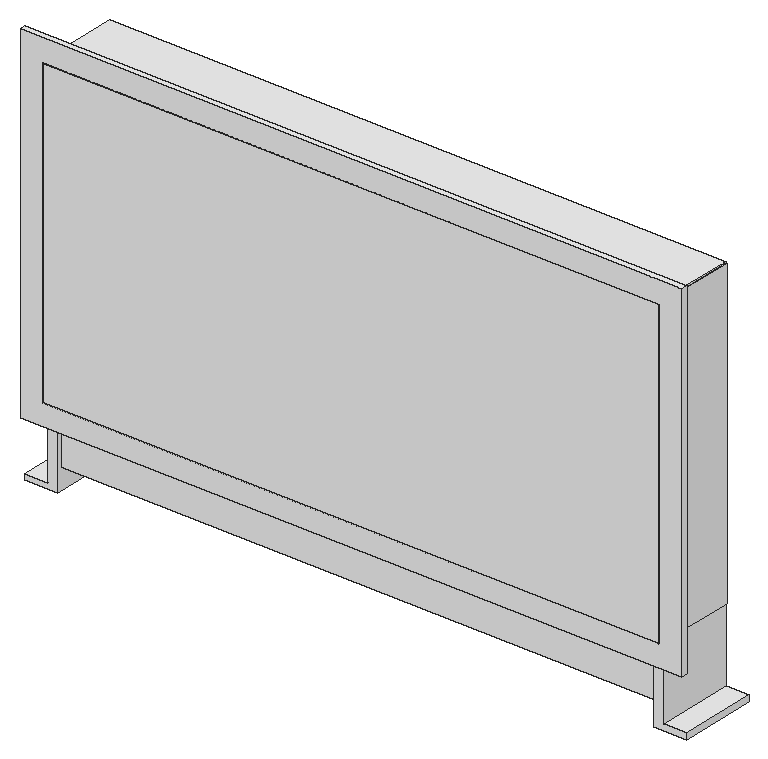
Revit family "1R553FPDB 1031IT_HIGH FLOW", category Pipe Accessories, Revit 2018 (continued)
Definition of nested family "Inlet Regulator"
  Forms (mm)
    Extrusion 10, solid
      sketch origin (0, 0.009, 104.867) x (0, 1, 0) y (-1, 0, 0)
        loop
          circle (0, 0) r 11.904
      from -23.23 to -16.499
    Revolve 11, solid
      sketch origin (0, -7.308, 22.393) x (0, 1, 0) y (0, 0, 1)
        loop
          line (21.577, -5.094) -> (21.577, -4.061) -> (22.318, -3.32) -> (21.605, -2.607) -> (22.332, -1.881) -> (21.605, -1.154) -> (22.318, -0.442) -> (21.605, 0.271) -> (22.318, 0.984) -> (21.605, 1.697) -> (22.318, 2.409) -> (21.605, 3.122) -> (22.318, 3.835) -> (21.605, 4.548) -> (22.318, 5.26) -> (21.605, 5.973) -> (22.318, 6.686) -> (21.591, 7.413) -> (21.591, 8.344) -> (20.654, 8.344) -> (20.654, -5.094) -> (21.577, -5.094)
        axis (7.317, 8.344) -> (7.317, -5.094)
      angle from 0 to 360
    Extrusion 12, solid
      sketch origin (0, 0.009, 99.643) x (0, 1, 0) y (-1, 0, 0)
        loop
          line (8.652, -15) -> (17.312, 0) -> (8.652, 15) -> (-8.669, 15) -> (-17.329, 0) -> (-8.669, -15) -> (8.652, -15)
        loop
          circle (-0.009, 0) r 14.53
      from -61.026 to -57.274
    Revolve 13, solid
      sketch origin (0, 0.009, 23.643) x (1, 0, 0) y (0, 0, 1)
        loop
          line (0, 14.757) -> (-14.591, 14.757)
          arc (-14.591, 14.757) -> (-14.177, 14.203) -> (-13.623, 13.789) r 2.42
          line (-13.623, 13.789) -> (-13.623, 7.845)
          arc (-13.623, 7.845) -> (-14.177, 7.43) -> (-14.591, 6.876) r 2.42
          line (-14.591, 6.876) -> (0, 6.876) -> (0, 14.757)
        axis (0, 14.757) -> (0, 6.876)
      angle from 0 to 360
    Revolve 14, solid
      sketch origin (0, 0, 0) x (1, 0, 0) y (0, 0, 1)
        loop
          line (0, 81.367) -> (0, 42.151) -> (16.5, 42.151) -> (16.5, 81.367) -> (0, 81.367)
        axis (0, 81.367) -> (0, 42.151)
      angle from 0 to 360
    Extrusion 15, solid
      sketch origin (2.094, -0.054, 23.867) x (-1, 0, 0) y (0, 0, 1)
        loop
          line (-14.869, 59.501) -> (-17.438, 59.501)
          spline (-17.438, 59.501) -> (-17.562, 59.497) -> (-17.675, 59.485) -> (-17.778, 59.464) -> (-17.87, 59.434) -> (-17.95, 59.397) -> (-18.021, 59.351) -> (-18.08, 59.297) -> (-18.128, 59.234) -> (-18.166, 59.163) -> (-18.193, 59.084) -> (-18.209, 58.996) -> (-18.215, 58.9)
          line (-18.215, 58.9) -> (-18.215, 58.097)
          spline (-18.215, 58.097) -> (-18.211, 58.002) -> (-18.199, 57.914) -> (-18.179, 57.836) -> (-18.15, 57.765) -> (-18.113, 57.703) -> (-18.067, 57.649) -> (-18.013, 57.604) -> (-17.951, 57.566) -> (-17.88, 57.537) -> (-17.801, 57.517) -> (-17.714, 57.504) -> (-17.618, 57.5)
          line (-17.618, 57.5) -> (-16.318, 57.5) -> (-14.062, 57.5) -> (-14.062, 58.708) -> (-14.869, 58.708) -> (-14.869, 59.501)
      from -1.116 to 1.224
    Extrusion 16, solid
      sketch origin (-2.196, 0, 23.867) x (1, 0, 0) y (0, 0, 1)
        loop
          line (-14.869, 59.501) -> (-17.438, 59.501)
          spline (-17.438, 59.501) -> (-17.562, 59.497) -> (-17.675, 59.485) -> (-17.778, 59.464) -> (-17.87, 59.434) -> (-17.95, 59.397) -> (-18.021, 59.351) -> (-18.08, 59.297) -> (-18.128, 59.234) -> (-18.166, 59.163) -> (-18.193, 59.084) -> (-18.209, 58.996) -> (-18.215, 58.9)
          line (-18.215, 58.9) -> (-18.215, 58.097)
          spline (-18.215, 58.097) -> (-18.211, 58.002) -> (-18.199, 57.914) -> (-18.179, 57.836) -> (-18.15, 57.765) -> (-18.113, 57.703) -> (-18.067, 57.649) -> (-18.013, 57.604) -> (-17.951, 57.566) -> (-17.88, 57.537) -> (-17.801, 57.517) -> (-17.714, 57.504) -> (-17.618, 57.5)
          line (-17.618, 57.5) -> (-16.318, 57.5) -> (-14.062, 57.5) -> (-14.062, 58.708) -> (-14.869, 58.708) -> (-14.869, 59.501)
      from -1.116 to 1.224
    Revolve 17, solid
      sketch origin (1.562, 0, -7.188) x (1, 0, 0) y (0, 0, -1)
        loop
          line (14.945, -68.947) -> (14.945, -85.784) -> (17.115, -87.955) -> (29.615, -87.955) -> (31.958, -85.612) -> (31.958, -68.947) -> (14.945, -68.947)
        axis (14.945, -68.947) -> (31.958, -68.947)
      angle from 0 to 360
  Cuts and joins
    Extrusion 4, Extrusion 5, Extrusion 6, Extrusion 7, Extrusion 8, Extrusion 9 cuts Revolve 1
  Dimensions and locks
    Revolve 2 to Revolve 11 = 114.089 mm
    equal spacing: cut or joined group of Revolve 1, Extrusion 4, Extrusion 5, Extrusion 6, Extrusion 7, Extrusion 8, Extrusion 9, plane 5, plane 4
    aligned and locked: level to plane 2
  Automatic sketch dimensions
    plane 1 "Center (Front/Back)" to Revolve 1 sketch curve = 17.048 mm
    Revolve 1 sketch curve to Revolve 1 sketch curve = 1.524 mm  (x2)
    Revolve 1 sketch curve to Revolve 1 sketch curve = 1.922 mm
    Revolve 1 sketch curve to plane 1 "Center (Front/Back)" = 0.009 mm  (x2)
    Revolve 1 sketch curve to plane 5 = 19.608 mm
    Revolve 1 sketch curve to Revolve 1 sketch curve = 9.082 mm
    Revolve 1 sketch curve to Revolve 1 sketch curve = 5.602 mm
    Revolve 1 sketch curve to Revolve 1 sketch curve = 1.247 mm
    Revolve 1 sketch curve to Revolve 1 sketch curve = 0 mm
    Revolve 1 sketch curve to Revolve 1 sketch curve = 1.386 mm
    plane 1 "Center (Front/Back)" to Revolve 2 sketch curve = 9.723 mm
    Revolve 2 sketch curve to Revolve 2 sketch curve = 0.5 mm  (x3)
    Revolve 2 sketch curve to Revolve 2 sketch curve = 0.198 mm
    Revolve 2 sketch curve to Revolve 2 sketch curve = 1.121 mm
    Revolve 2 sketch curve to Revolve 2 sketch curve = 1.35 mm
    Revolve 2 sketch curve to Revolve 2 sketch curve = 1.06 mm
    Revolve 2 sketch curve to Revolve 2 sketch curve = 0.183 mm
    plane 1 "Center (Front/Back)" to Revolve 2 sketch curve = 0.383 mm  (x2)
    Revolve 2 sketch curve to plane 5 = 34.379 mm
    Revolve 2 sketch curve to Revolve 2 sketch curve = 0.812 mm
    Revolve 2 sketch curve to Revolve 2 sketch curve = 30.709 mm
    Revolve 2 sketch curve to Revolve 2 sketch curve = 0.06 mm
    Revolve 2 sketch curve to Revolve 2 sketch curve = 2.169 mm
    Revolve 2 sketch curve to Revolve 2 sketch curve = 0.487 mm
    Revolve 2 sketch curve to Revolve 2 sketch curve = 1.061 mm
    Revolve 2 sketch curve to Revolve 2 sketch curve = 0.799 mm
    Revolve 2 sketch curve to Revolve 2 sketch curve = 1.883 mm
    Revolve 2 sketch curve to Revolve 2 sketch curve = 2.977 mm
    Extrusion 3 sketch curve to plane 3 "Center (Left/Right)" = 0 mm
    Extrusion 3 sketch curve to plane 1 "Center (Front/Back)" = 0.009 mm
    Extrusion 4 sketch curve to plane 3 "Center (Left/Right)" = 0.532 mm
    Extrusion 4 sketch curve to plane 1 "Center (Front/Back)" = 11.146 mm
    Extrusion 4 sketch curve to Extrusion 4 sketch curve = 7.245 mm
    plane 3 "Center (Left/Right)" to Extrusion 4 sketch curve = 0.506 mm
    plane 3 "Center (Left/Right)" to Extrusion 5 sketch curve = 0.532 mm
    plane 1 "Center (Front/Back)" to Extrusion 5 sketch curve = 11.129 mm
    Extrusion 5 sketch curve to Extrusion 5 sketch curve = 7.077 mm
    Extrusion 5 sketch curve to plane 3 "Center (Left/Right)" = 0.506 mm
    Extrusion 6 sketch curve to plane 1 "Center (Front/Back)" = 5.116 mm
    Extrusion 6 sketch curve to plane 3 "Center (Left/Right)" = 9.912 mm
    Extrusion 6 sketch curve to Extrusion 6 sketch curve = 7.677 mm
    Extrusion 6 sketch curve to Extrusion 6 sketch curve = 1.039 mm
    plane 1 "Center (Front/Back)" to Extrusion 7 sketch curve = 6.021 mm
    Extrusion 7 sketch curve to plane 3 "Center (Left/Right)" = 9.379 mm
    Extrusion 7 sketch curve to Extrusion 7 sketch curve = 7.486 mm
    Extrusion 7 sketch curve to Extrusion 7 sketch curve = 1.039 mm
    Extrusion 8 sketch curve to plane 1 "Center (Front/Back)" = 5.116 mm
    plane 3 "Center (Left/Right)" to Extrusion 8 sketch curve = 9.912 mm
    Extrusion 8 sketch curve to Extrusion 8 sketch curve = 6.525 mm
    Extrusion 8 sketch curve to Extrusion 8 sketch curve = 1.039 mm
    plane 1 "Center (Front/Back)" to Extrusion 9 sketch curve = 6.021 mm
    plane 3 "Center (Left/Right)" to Extrusion 9 sketch curve = 9.379 mm
    Extrusion 9 sketch curve to Extrusion 9 sketch curve = 8.734 mm
    Extrusion 9 sketch curve to Extrusion 9 sketch curve = 1.039 mm
    Extrusion 10 sketch curve to plane 3 "Center (Left/Right)" = 0 mm  (x3)
    plane 1 "Center (Front/Back)" to Extrusion 10 sketch curve = 14.425 mm
    plane 1 "Center (Front/Back)" to Extrusion 10 sketch curve = 7.208 mm  (x2)
    Extrusion 10 sketch curve to plane 1 "Center (Front/Back)" = 0.009 mm
    Extrusion 10 sketch curve to plane 1 "Center (Front/Back)" = 7.225 mm  (x2)
    Extrusion 10 sketch curve to Extrusion 10 sketch curve = 7.217 mm
    plane 3 "Center (Left/Right)" to Extrusion 10 sketch curve = 12.5 mm
    Extrusion 10 sketch curve to plane 3 "Center (Left/Right)" = 12.5 mm
    Revolve 11 sketch curve to plane 1 "Center (Front/Back)" = 13.346 mm
    Revolve 11 sketch curve to Revolve 11 sketch curve = 0.922 mm
    Revolve 11 sketch curve to Revolve 11 sketch curve = 0.937 mm
    Revolve 11 sketch curve to Revolve 11 sketch curve = 0.028 mm
    Revolve 11 sketch curve to Revolve 11 sketch curve = 0 mm  (x5)
    Revolve 11 sketch curve to Revolve 11 sketch curve = 0.014 mm
    Revolve 11 sketch curve to Revolve 11 sketch curve = 0.713 mm  (x7)
    Revolve 11 sketch curve to Revolve 11 sketch curve = 0.726 mm
    level to Revolve 11 sketch curve = 17.3 mm
    Revolve 11 sketch curve to Revolve 11 sketch curve = 1.032 mm
    Revolve 11 sketch curve to Revolve 11 sketch curve = 0.741 mm
    Revolve 11 sketch curve to Revolve 11 sketch curve = 0.931 mm
    Revolve 11 sketch curve to plane 1 "Center (Front/Back)" = 0.009 mm
    level to Revolve 11 sketch curve = 11.05 mm
    Revolve 11 sketch curve to plane 4 = 11.319 mm
    Extrusion 12 sketch curve to plane 3 "Center (Left/Right)" = 0 mm  (x3)
    plane 1 "Center (Front/Back)" to Extrusion 12 sketch curve = 0 mm
    plane 1 "Center (Front/Back)" to Extrusion 12 sketch curve = 8.66 mm  (x2)
    plane 1 "Center (Front/Back)" to Extrusion 12 sketch curve = 17.321 mm
    Extrusion 12 sketch curve to plane 1 "Center (Front/Back)" = 8.66 mm  (x2)
    Extrusion 12 sketch curve to Extrusion 12 sketch curve = 8.66 mm
    plane 3 "Center (Left/Right)" to Extrusion 12 sketch curve = 15 mm
    Extrusion 12 sketch curve to plane 3 "Center (Left/Right)" = 15 mm
    Revolve 13 sketch curve to plane 3 "Center (Left/Right)" = 0 mm  (x2)
    Revolve 13 sketch curve to plane 3 "Center (Left/Right)" = 12.466 mm
    Revolve 13 sketch curve to plane 4 = 2.594 mm
    Revolve 13 sketch curve to Revolve 13 sketch curve = 0 mm
    Revolve 13 sketch curve to Revolve 13 sketch curve = 1.157 mm
    Revolve 13 sketch curve to Revolve 13 sketch curve = 0.968 mm  (x2)
    Revolve 13 sketch curve to plane 4 = 3.751 mm
    Revolve 13 sketch curve to Revolve 13 sketch curve = 5.944 mm
    Revolve 13 sketch curve to Revolve 13 sketch curve = 7.881 mm
    Revolve 13 sketch curve to Revolve 13 sketch curve = 6.11 mm
    plane 4 to Revolve 13 sketch curve = 3.077 mm
    Revolve 14 sketch curve to plane 3 "Center (Left/Right)" = 0 mm  (x2)
    Revolve 14 sketch curve to plane 4 = 0 mm
    plane 3 "Center (Left/Right)" to Revolve 14 sketch curve = 16.5 mm
    Revolve 14 sketch curve to plane 5 = 19.608 mm
    Revolve 14 sketch curve to Revolve 14 sketch curve = 18.992 mm
    Revolve 14 sketch curve to Revolve 14 sketch curve = 22.888 mm
    plane 3 "Center (Left/Right)" to Extrusion 15 sketch curve = 20.309 mm
    Extrusion 15 sketch curve to Extrusion 15 sketch curve = 0.597 mm  (x2)
    Extrusion 15 sketch curve to Extrusion 15 sketch curve = 0.776 mm
    Extrusion 15 sketch curve to Extrusion 15 sketch curve = 1.299 mm
    Extrusion 15 sketch curve to Extrusion 15 sketch curve = 1.449 mm
    Extrusion 15 sketch curve to Extrusion 15 sketch curve = 0.807 mm
    Extrusion 15 sketch curve to plane 5 = 19.608 mm
    Extrusion 15 sketch curve to Extrusion 15 sketch curve = 1.208 mm
    Extrusion 15 sketch curve to Extrusion 15 sketch curve = 0.803 mm
    Extrusion 15 sketch curve to Extrusion 15 sketch curve = 0.601 mm
    Extrusion 16 sketch curve to plane 3 "Center (Left/Right)" = 20.411 mm
    Extrusion 16 sketch curve to Extrusion 16 sketch curve = 0.597 mm  (x2)
    Extrusion 16 sketch curve to Extrusion 16 sketch curve = 0.776 mm
    Extrusion 16 sketch curve to Extrusion 16 sketch curve = 1.299 mm
    Extrusion 16 sketch curve to Extrusion 16 sketch curve = 1.449 mm
    Extrusion 16 sketch curve to Extrusion 16 sketch curve = 0.807 mm
    Extrusion 16 sketch curve to plane 5 = 19.608 mm
    Extrusion 16 sketch curve to Extrusion 16 sketch curve = 1.208 mm
    Extrusion 16 sketch curve to Extrusion 16 sketch curve = 0.803 mm
    Extrusion 16 sketch curve to Extrusion 16 sketch curve = 0.601 mm
    Revolve 17 sketch curve to plane 5 = 0 mm  (x2)
    plane 3 "Center (Left/Right)" to Revolve 17 sketch curve = 16.507 mm
    Revolve 17 sketch curve to Revolve 17 sketch curve = 2.17 mm  (x2)
    Revolve 17 sketch curve to Revolve 17 sketch curve = 12.5 mm
    Revolve 17 sketch curve to Revolve 17 sketch curve = 2.343 mm
    Revolve 17 sketch curve to plane 5 = 16.665 mm
    Revolve 17 sketch curve to Revolve 17 sketch curve = 16.838 mm
    plane 3 "Center (Left/Right)" to Revolve 17 sketch curve = 1.563 mm
    Revolve 17 sketch curve to Revolve 17 sketch curve = 33.042 mm
    radius of Extrusion 3 sketch curve = 1.156 mm
    radius of Extrusion 10 sketch curve = 11.904 mm
    radius of Extrusion 12 sketch curve = 14.53 mm
Definition of nested family "METAL FRAME"
  Parameters (values of type "METAL FRAME")
    S1 [instance] = 37 mm
    L1 [instance] = 670 mm
    H2 [instance] = 492 mm
    H1 [instance] = 562 mm
  Reference planes
    plane 1 "Center (Front/Back)": y = -35
    plane 2: z = 0
    plane 3 "Center (Left/Right)": x = 0
    plane 4: x = -298
    plane 5: x = 298
    plane 6: z = 562
    plane 7: x = 335
    plane 8: x = -335
    plane 9: z = 527
    plane 10: z = 35
    plane 11: y = -35
    plane 12: z = 281
    plane 13: z = 384
    plane 14: z = 176
    plane 15: y = 90
  Forms (mm)
    Extrusion 1, solid
      sketch origin (0, -35, 0) x (1, 0, 0) y (0, 0, 1)
        loop
          line (-283, 35) -> (-283, -60) -> (283, -60) -> (283, 35) -> (-283, 35)
      from -125 to -7.029
    Extrusion 2, solid
      sketch origin (0, -35, 0) x (1, 0, 0) y (0, 0, 1)
        loop
          line (-298, 35) -> (-298, -85) -> (-335, -85) -> (-335, -95) -> (-283, -95) -> (-283, 35) -> (-298, 35)
        loop
          line (298, 35) -> (283, 35) -> (283, -95) -> (335, -95) -> (335, -85) -> (298, -85) -> (298, 35)
      from -125 to 0
    Extrusion 3, solid
      sketch origin (0, 0, 0) x (0, 1, 0) y (0, 0, 1)
        loop
          line (87.172, 527) -> (87.172, 35) -> (90, 35) -> (90, 527) -> (87.172, 527)
      from -298 to 298
    Extrusion 4, solid
      sketch origin (0, -35, 0) x (1, 0, 0) y (0, 0, 1)
        loop
          line (-335, 562) -> (-335, 0) -> (335, 0) -> (335, 562) -> (-335, 562)
        loop
          line (-298, 35) -> (298, 35) -> (298, 527) -> (-298, 527) -> (-298, 35)
      from 0 to 10
    Extrusion 5, solid
      sketch origin (0, 0, 0) x (0, 1, 0) y (0, 0, 1)
        loop
          line (-35, 527) -> (-35, 35) -> (90, 35) -> (90, 527) -> (-35, 527)
      from 298 to 300.354
    Extrusion 6, solid
      sketch origin (0, 0, 0) x (0, 1, 0) y (0, 0, -1)
        loop
          line (-35, -527) -> (90, -527) -> (90, -35) -> (-35, -35) -> (-35, -527)
      from 298 to 300.354
    Extrusion 7, solid
      sketch origin (0, 0, 0) x (1, 0, 0) y (0, 1, 0)
        loop
          line (-298, 90) -> (-298, -35) -> (298, -35) -> (298, 90) -> (-298, 90)
      from 527 to 529.02
    Extrusion 8, void
      sketch origin (0, 0, 0) x (0, 1, 0) y (0, 0, 1)
        loop
          line (87.172, 423.968) -> (-33.134, 423.968) -> (-33.134, 344.032) -> (87.172, 344.032) -> (87.172, 423.968)
        loop
          line (87.172, 216) -> (-33.134, 216) -> (-33.134, 136) -> (87.172, 136) -> (87.172, 216)
      from -298 to -521.401
  Cuts and joins
    Extrusion 8 cuts Extrusion 3
    Extrusion 8 cuts Extrusion 5
    Extrusion 8 cuts Extrusion 6
    Extrusion 8 cuts Extrusion 7
    joined: Extrusion 3, Extrusion 5, Extrusion 6, Extrusion 7
  Dimensions and locks
    "H1": plane 6 to plane 2
    "S1": plane 7 to plane 5
    "S1": plane 4 to plane 8
    "L1": plane 7 to plane 8
    plane 7 to plane 8 = 670 mm
    equal spacing: plane 7, plane 3 "Center (Left/Right)", plane 8
    level to Extrusion 4 sketch curve = 0 mm
    plane 1 "Center (Front/Back)" to Extrusion 3 = 125 mm
    plane 1 "Center (Front/Back)" to plane 15 = 125 mm
    plane 6 to plane 2 = 562 mm
    "H2": plane 9 to plane 10
    locked: Extrusion 5 to Extrusion 5 at 2.354
    locked: Extrusion 6 to Extrusion 6 at 2.354  (x2)
    Extrusion 2 to Extrusion 2 = 15 mm  (x2)
    equal spacing: Extrusion 8 sketch curve, plane 13, Extrusion 8 sketch curve  (x2)
    Extrusion 8 sketch curve to Extrusion 8 sketch curve = 79.935 mm
    equal spacing: Extrusion 8 sketch curve, plane 14, Extrusion 8 sketch curve  (x2)
    aligned and locked: level to plane 2
    aligned and locked: plane 8 to Extrusion 4 sketch curve
    aligned and locked: Extrusion 3 sketch curve to plane 9
    aligned and locked: plane 10 to Extrusion 3 sketch curve
    aligned and locked: Extrusion 2 to Extrusion 1  (x2)
    aligned and locked: Extrusion 4 sketch curve to plane 6
    aligned and locked: Extrusion 4 sketch curve to plane 7
    aligned and locked: Extrusion 4 sketch curve to plane 10
    aligned and locked: plane 5 to Extrusion 3
    aligned and locked: plane 10 to Extrusion 2
    aligned and locked: plane 10 to Extrusion 5 sketch curve
    aligned and locked: Extrusion 5 sketch curve to plane 1 "Center (Front/Back)"
    aligned and locked: plane 15 to Extrusion 5 sketch curve
    aligned and locked: Extrusion 5 sketch curve to plane 9
    aligned and locked: Extrusion 4 to Extrusion 7 sketch curve
    aligned and locked: Extrusion 7 sketch curve to plane 5
    aligned and locked: plane 15 to Extrusion 7 sketch curve
    aligned and locked: plane 4 to Extrusion 7 sketch curve
    aligned and locked: Extrusion 7 to plane 9
    aligned and locked: cut or joined group of Extrusion 3, Extrusion 5, Extrusion 6, Extrusion 7, Extrusion 8 to cut or joined group of Extrusion 3, Extrusion 5, Extrusion 6, Extrusion 7, Extrusion 8
    aligned and locked: Extrusion 2 to cut or joined group of Extrusion 3, Extrusion 5, Extrusion 6, Extrusion 7, Extrusion 8
    aligned and locked: plane 4 to cut or joined group of Extrusion 3, Extrusion 5, Extrusion 6, Extrusion 7, Extrusion 8
    aligned and locked: cut or joined group of Extrusion 3, Extrusion 5, Extrusion 6, Extrusion 7, Extrusion 8 to plane 5
    aligned and locked: cut or joined group of Extrusion 3, Extrusion 5, Extrusion 6, Extrusion 7, Extrusion 8 to Extrusion 8 sketch curve  (x2)
    aligned and locked: plane 4 to Extrusion 8
    aligned and locked: Extrusion 1 to Extrusion 2  (x2)
    aligned and locked: plane 1 "Center (Front/Back)" to plane 11
  Automatic sketch dimensions
    plane 4 to Extrusion 1 sketch curve = 15 mm
    Extrusion 1 sketch curve to plane 5 = 15 mm
    Extrusion 1 sketch curve to plane 10 = 0 mm
    Extrusion 1 sketch curve to level = 60 mm
    Extrusion 2 sketch curve to plane 8 = 0 mm
    Extrusion 2 sketch curve to plane 10 = 0 mm  (x2)
    plane 4 to Extrusion 2 sketch curve = 15 mm
    Extrusion 2 sketch curve to plane 5 = 15 mm
    Extrusion 2 sketch curve to plane 7 = 0 mm
    Extrusion 2 sketch curve to plane 4 = 0 mm
    Extrusion 2 sketch curve to Extrusion 2 sketch curve = 15 mm
    Extrusion 2 sketch curve to level = 85 mm  (x2)
    Extrusion 2 sketch curve to Extrusion 2 sketch curve = 10 mm  (x2)
    Extrusion 3 sketch curve to plane 15 = 0 mm
    Extrusion 3 sketch curve to Extrusion 3 sketch curve = 2.828 mm
    Extrusion 4 sketch curve to plane 4 = 0 mm
    Extrusion 4 sketch curve to plane 5 = 0 mm
    Extrusion 4 sketch curve to plane 9 = 0 mm
    Extrusion 6 sketch curve to plane 1 "Center (Front/Back)" = 0 mm
    Extrusion 6 sketch curve to plane 10 = 0 mm
    Extrusion 6 sketch curve to plane 15 = 0 mm
    Extrusion 6 sketch curve to plane 9 = 0 mm
    Extrusion 8 sketch curve to plane 14 = 40 mm
    Extrusion 8 sketch curve to plane 1 "Center (Front/Back)" = 1.866 mm  (x2)
Definition of nested family "Cold water ball valve"
  Parameters (values of type "Cold Water ball valve")
    LOGO [instance] = yes
  Reference planes
    plane 1 "Center (Front/Back)": y = 0
    plane 2: z = 0
    plane 3 "Center (Left/Right)": x = 0
    plane 4: x = 105
    plane 5: z = 25
    plane 6: z = 25.625
    plane 7: y = -21.571
    plane 8: y = -26.943
    plane 9: y = -36.345
    plane 10 "MODEL TEXT": x = -25.219
    plane 11: x = -24
    plane 12: y = -62.876
    plane 13 "LOGO": x = -18.662
  Forms (mm)
    Extrusion 1, solid
      sketch origin (0, 0, 20) x (1, 0, 0) y (0, 0, 1)
        loop
          line (20, 13.284) -> (8.284, 25) -> (-8.284, 25) -> (-20, 13.284) -> (-20, -3.284) -> (-8.284, -15) -> (8.284, -15) -> (20, -3.284) -> (20, 13.284)
        loop
          circle (0, 5) r 12.7
      from 0 to 13.355
    Extrusion 2, solid
      sketch origin (0, 0, 0.625) x (1, 0, 0) y (0, 0, 1)
        loop
          line (24, 34.941) -> (9.941, 49) -> (-9.941, 49) -> (-24, 34.941) -> (-24, 15.059) -> (-8.316, -0.625) -> (8.316, -0.625) -> (24, 15.059) -> (24, 34.941)
        loop
          circle (0, 25) r 21
      from 77.779 to 89.014
    Revolve 3, solid
      sketch origin (0, 0, 0) x (0, 1, 0) y (0, 0, 1)
        loop
          line (-13.355, 25) -> (-13.355, 45)
          arc (-13.355, 45) -> (-14.669, 46.315) -> (-16.465, 46.796) r 3.592
          line (-16.465, 46.796) -> (-17.701, 46.796)
          arc (-17.701, 46.796) -> (-19.285, 46.408) -> (-20.51, 45.333) r 3.428
          line (-20.51, 45.333) -> (-42.991, 45.333) -> (-44.663, 43.661) -> (-74.663, 43.661) -> (-77.779, 46.777) -> (-77.779, 25) -> (-13.355, 25)
        axis (-13.355, 25) -> (-77.779, 25)
      angle from 0 to 360
    Blend 4, solid
      base sketch origin (23.223, -1.25, 27.657) x (0, 0, 1) y (0, 1, 0)
        loop
          line (4.062, -5) -> (0, -5) -> (-4.063, -5) -> (-4.062, -20)
          arc (-4.062, -20) -> (-11.941, -30.394) -> (-4.062, -40.789) r 10.796
          line (-4.062, -40.789) -> (-4.062, -55.789) -> (0, -55.789) -> (4.062, -55.789) -> (4.062, -40.789)
          arc (4.062, -40.789) -> (11.65, -30.394) -> (4.062, -20) r 10.913
          line (4.062, -20) -> (4.062, -5)
      top sketch origin (23.223, -1.25, 27.657) x (0, 0, 1) y (0, 1, 0)
        loop
          line (3.606, -5) -> (0, -5) -> (-3.606, -5) -> (-3.606, -20.51)
          arc (-3.606, -20.51) -> (-11.088, -30.188) -> (-3.606, -39.866) r 10
          line (-3.606, -39.866) -> (-3.606, -55.789) -> (0, -55.789) -> (3.606, -55.789) -> (3.606, -39.789)
          arc (3.606, -39.789) -> (10.87, -30.15) -> (3.606, -20.51) r 10.027
          line (3.606, -20.51) -> (3.606, -5)
      from 59.828 to 68.223
    Revolve 5, solid
      sketch origin (-0.219, -2.206, 0) x (0, 0, -1) y (0, -1, 0)
        loop
          line (-94.932, 60.703) -> (-94.932, 41.958) -> (-88.701, 41.958) -> (-88.701, 39.55) -> (-78.701, 39.55) -> (-78.701, 41.958) -> (-59.725, 41.958)
          arc (-59.725, 41.958) -> (-58.974, 42.269) -> (-58.663, 43.02) r 1.062
          line (-58.663, 43.02) -> (-58.663, 49.438) -> (-50.697, 49.438) -> (-50, 48.742) -> (9.375, 48.742) -> (9.375, 49.772) -> (11.451, 49.772) -> (11.451, 48.708) -> (14.373, 48.708)
          arc (14.373, 48.708) -> (15.482, 50.223) -> (16.346, 51.89) r 12.184
          line (16.346, 51.89) -> (25.561, 51.89) -> (48.681, 51.89)
          arc (48.681, 51.89) -> (49.349, 50.551) -> (50.175, 49.304) r 12.184
          line (50.175, 49.304) -> (54.16, 49.304) -> (54.872, 50.015) -> (54.872, 51.956) -> (55.898, 52.982) -> (55.898, 52.075) -> (56.943, 53.12) -> (56.943, 52.123) -> (57.986, 53.166) -> (57.986, 52.123) -> (59.052, 53.189) -> (59.052, 52.217) -> (60.177, 53.342) -> (60.177, 52.407) -> (61.106, 53.336) -> (61.106, 52.478) -> (61.943, 53.315) -> (61.943, 60.703) -> (-94.932, 60.703)
        axis (-94.932, 60.703) -> (61.943, 60.703)
      angle from 0 to 360
    Extrusion 6, void
      sketch origin (0, 0, 0) x (0, 1, 0) y (0, 0, 1)
        loop
          line (-63.914, 58.663) -> (-61.839, 58.663) -> (-61.839, 64.72)
          arc (-61.839, 64.72) -> (-62.876, 65.758) -> (-63.914, 64.72) r 1.037
          line (-63.914, 64.72) -> (-63.914, 58.663)
      from 17.105 to 20
    Extrusion 7, void
      sketch origin (0, 0, 0) x (0, 1, 0) y (0, 0, -1)
        loop
          line (-63.914, -58.663) -> (-63.914, -64.72)
          arc (-63.914, -64.72) -> (-62.876, -65.758) -> (-61.839, -64.72) r 1.037
          line (-61.839, -64.72) -> (-61.839, -58.663) -> (-63.914, -58.663)
      from 17.105 to 20
    Extrusion 8, void
      sketch origin (-62.876, -62.876, 0) x (-1, 0, 0) y (0, 0, 1)
        loop
          line (-63.914, 58.663) -> (-61.839, 58.663) -> (-61.839, 64.72)
          arc (-61.839, 64.72) -> (-62.876, 65.758) -> (-63.914, 64.72) r 1.037
          line (-63.914, 64.72) -> (-63.914, 58.663)
      from 17.105 to 20
    Extrusion 9, void
      sketch origin (-45.229, -106.554, 0) x (-0.71934, -0.694658, 0) y (0, 0, -1)
        loop
          line (-63.914, -58.663) -> (-63.914, -64.72)
          arc (-63.914, -64.72) -> (-62.876, -65.758) -> (-61.839, -64.72) r 1.037
          line (-61.839, -64.72) -> (-61.839, -58.663) -> (-63.914, -58.663)
      from 17.105 to 20
    Extrusion 10, void
      sketch origin (-45.229, -19.199, 0) x (-0.71934, 0.694658, 0) y (0, 0, 1)
        loop
          line (-63.914, 58.663) -> (-61.839, 58.663) -> (-61.839, 64.72)
          arc (-61.839, 64.72) -> (-62.876, 65.758) -> (-63.914, 64.72) r 1.037
          line (-63.914, 64.72) -> (-63.914, 58.663)
      from 17.105 to 20
    Extrusion 11, void
      sketch origin (45.229, -106.554, 0) x (0.71934, -0.694658, 0) y (0, 0, 1)
        loop
          line (-63.914, 58.663) -> (-61.839, 58.663) -> (-61.839, 64.72)
          arc (-61.839, 64.72) -> (-62.876, 65.758) -> (-63.914, 64.72) r 1.037
          line (-63.914, 64.72) -> (-63.914, 58.663)
      from 17.105 to 20
    Extrusion 12, void
      sketch origin (45.229, -19.199, 0) x (0.71934, 0.694658, 0) y (0, 0, -1)
        loop
          line (-63.914, -58.663) -> (-63.914, -64.72)
          arc (-63.914, -64.72) -> (-62.876, -65.758) -> (-61.839, -64.72) r 1.037
          line (-61.839, -64.72) -> (-61.839, -58.663) -> (-63.914, -58.663)
      from 17.105 to 20
    Extrusion 13, void
      sketch origin (-62.876, -62.876, 0) x (-1, 0, 0) y (0, 0, -1)
        loop
          line (-63.914, -58.663) -> (-63.914, -64.72)
          arc (-63.914, -64.72) -> (-62.876, -65.758) -> (-61.839, -64.72) r 1.037
          line (-61.839, -64.72) -> (-61.839, -58.663) -> (-63.914, -58.663)
      from 17.105 to 20
    Revolve 14, solid
      sketch origin (0, -32.435, 0) x (1, 0, 0) y (0, 0, 1)
        loop
          line (-21.513, 47.516) -> (-0.291, 39.792) -> (2.61, 47.763) -> (-18.612, 55.487) -> (-21.513, 47.516)
        axis (-0.291, 39.792) -> (-21.513, 47.516)
      angle from 0 to 360
    Extrusion 15, solid
      sketch origin (-25.219, 0, 0) x (0, 0, -1) y (0, -1, 0)
        loop
          circle (-27.689, 31.109) r 5
      from -8.352 to 11.386
    Revolve 16, solid
      sketch origin (0, -62.5, -16.719) x (-1, 0, 0) y (0, 0, -1)
        loop
          line (5.794, 15.605) -> (5.794, 7.562) -> (15.464, 7.562)
          arc (15.464, 7.562) -> (15.667, 7.07) -> (16.159, 6.866) r 0.695
          line (16.159, 6.866) -> (23.251, 6.866)
          arc (23.251, 6.866) -> (23.77, 7.081) -> (23.985, 7.6) r 0.734
          line (23.985, 7.6) -> (23.985, 15.605) -> (5.794, 15.605)
        axis (5.794, 15.605) -> (23.985, 15.605)
      angle from 0 to 360
    Extrusion 17, solid
      sketch origin (0, 0, -16.875) x (0, 1, 0) y (0, 0, -1)
        loop
          circle (-62.564, 15.559) r 6.523
        loop
          circle (-62.564, 15.559) r 5.795
      from 21.524 to 24.055
    Revolve 18, solid
      sketch origin (-0.219, 0, 0.787) x (0, 0, -1) y (0, -1, 0)
        loop
          line (-91.675, 81.654) -> (-85.876, 81.654) -> (-85.876, 96.855) -> (-89.93, 96.855) -> (-90.611, 96.175) -> (-90.611, 94.457) -> (-93.194, 94.457)
          arc (-93.194, 94.457) -> (-93.866, 94.179) -> (-94.144, 93.507) r 0.95
          line (-94.144, 93.507) -> (-94.144, 90.104) -> (-92.373, 90.104) -> (-92.373, 89.241) -> (-93.253, 89.241)
          arc (-93.253, 89.241) -> (-93.883, 88.98) -> (-94.144, 88.35) r 0.891
          line (-94.144, 88.35) -> (-94.144, 87.546)
          arc (-94.144, 87.546) -> (-93.883, 86.915) -> (-93.253, 86.654) r 0.891
          line (-93.253, 86.654) -> (-91.675, 86.654) -> (-91.675, 81.654)
        axis (-85.876, 81.654) -> (-85.876, 96.855)
      angle from 0 to 360
  Cuts and joins
    Extrusion 6, Extrusion 7, Extrusion 8, Extrusion 9, Extrusion 10, Extrusion 11, Extrusion 12, Extrusion 13 cuts Revolve 5
    joined: Revolve 5, Revolve 16, Revolve 18
    joined: Extrusion 2, Revolve 14
  Dimensions and locks
    aligned and locked: level to plane 2
  Nested families
    nested 1: "valve Dial" at (-11.875, 46.875, 24.869), type "valve Dial"
  Definition of nested family "valve Dial"
    Reference planes
      plane 1 "Center (Front/Back)": y = 0
      plane 2: z = 0
      plane 3 "Center (Left/Right)": x = 0
      plane 4: y = 66
      plane 5: y = -105
      plane 6: y = -65.734
      plane 7: y = -79.31
      plane 8: y = -20.321
      plane 9: y = -43.117
      plane 10: y = -33.832
      plane 11: y = -70.378
      plane 12: y = -88.243
      plane 13: through (-2.703, 0, 45.265) normal (-0.9397, 0, 0.342)
    Forms (mm)
      Extrusion 1, solid
        sketch origin (4.797, 0, -7.865) x (0, 1, 0) y (0.34202, 0, 0.939693)
          loop
            circle (-79.31, 25) r 16
          loop
            circle (-79.31, 25) r 17
        from -30.806 to -25.219
      Extrusion 2, solid
        sketch origin (4.797, 0, -7.865) x (0, 1, 0) y (0.34202, 0, 0.939693)
          loop
            circle (-79.31, 25) r 16
        from -25.219 to -24
      Extrusion 3, solid
        sketch origin (4.797, 0, -7.865) x (0, 1, 0) y (0.34202, 0, 0.939693)
          loop
            line (-70.623, 33.687) -> (-79.31, 25.988)
            arc (-79.31, 25.988) -> (-80.298, 25) -> (-79.31, 24.012) r 0.988
            arc (-79.31, 24.012) -> (-78.612, 24.301) -> (-78.323, 25) r 0.988
            line (-78.323, 25) -> (-70.623, 33.687)
        from -27.141 to -26.02
      Extrusion 4, solid
        sketch origin (-18.901, 0, 0.761) x (-0.34202, 0, -0.939693) y (0, -1, 0)
          loop
            circle (-24.897, 79.31) r 15.901
        from 3.812 to 5.586
    Lines and regions (mm)
      model lines
        curve 1: arc (-13.369, -69.937, 15.96) -> (-5.549, -79.31, 37.447) -> (-13.369, -88.684, 15.96) r 13.354
        curve 2: arc (-13.219, -70.378, 16.374) -> (-5.773, -79.31, 36.831) -> (-13.219, -88.243, 16.374) r 12.718
        curve 3: line (-12.979, -71.08, 17.034) -> (-13.219, -70.378, 16.374)
        curve 4: line (-13.058, -87.773, 16.816) -> (-13.219, -88.243, 16.374)
        curve 5: line (-13.369, -69.937, 15.96) -> (-13.526, -69.479, 15.529)
        curve 6: line (-10.091, -65.111, 24.967) -> (-10.091, -65.956, 24.967)
        curve 7: line (-6.598, -69.28, 34.564) -> (-6.858, -69.953, 33.851)
        curve 8: line (-5.372, -79.31, 37.934) -> (-5.549, -79.31, 37.447)
        curve 9: line (-7.34, -87.327, 32.525) -> (-7.027, -88.243, 33.387)
        curve 10: line (-6.869, -88.703, 33.819) -> (-6.594, -89.508, 34.575)
        curve 11: line (-10.088, -91.058, 24.977) -> (-10.088, -92.028, 24.977)
        curve 12: line (-10.088, -92.664, 24.977) -> (-10.088, -93.719, 24.977)
        curve 13: line (-7.024, -70.385, 33.393) -> (-7.252, -70.974, 32.768)
        curve 14: line (-10.091, -66.593, 24.967) -> (-10.091, -67.243, 24.967)
        curve 15: line (-5.773, -79.31, 36.831) -> (-6.141, -79.31, 35.82)
        curve 16: line (-13.369, -88.684, 15.96) -> (-13.511, -89.099, 15.57)
    Dimensions and locks
      plane 1 "Center (Front/Back)" to plane 4 = 66 mm
      aligned and locked: level to plane 2
Definition of nested family "Hot water ball valve"
  Parameters (values of type "Hot Water ball valve")
    LOGO [instance] = yes
  Reference planes
    plane 1 "Center (Front/Back)": y = 0
    plane 2: z = 0
    plane 3 "Center (Left/Right)": x = 0
    plane 4: x = 105
    plane 5: z = 25
    plane 6: z = 25.625
    plane 7: y = -21.571
    plane 8: y = -26.943
    plane 9: y = -36.345
    plane 10 "MODEL TEXT": x = -25.219
    plane 11: x = -24
    plane 12: y = -62.876
    plane 13 "LOGO": x = -18.662
  Forms (mm)
    Extrusion 1, solid
      sketch origin (0, 0, 20) x (1, 0, 0) y (0, 0, 1)
        loop
          line (20, 13.284) -> (8.284, 25) -> (-8.284, 25) -> (-20, 13.284) -> (-20, -3.284) -> (-8.284, -15) -> (8.284, -15) -> (20, -3.284) -> (20, 13.284)
        loop
          circle (0, 5) r 12.7
      from 0 to 13.355
    Extrusion 2, solid
      sketch origin (0, 0, 0.625) x (1, 0, 0) y (0, 0, 1)
        loop
          line (24, 34.941) -> (9.941, 49) -> (-9.941, 49) -> (-24, 34.941) -> (-24, 15.059) -> (-8.316, -0.625) -> (8.316, -0.625) -> (24, 15.059) -> (24, 34.941)
        loop
          circle (0, 25) r 21
      from 77.779 to 89.014
    Revolve 3, solid
      sketch origin (0, 0, 0) x (0, 1, 0) y (0, 0, 1)
        loop
          line (-13.355, 25) -> (-13.355, 45)
          arc (-13.355, 45) -> (-14.669, 46.315) -> (-16.465, 46.796) r 3.592
          line (-16.465, 46.796) -> (-17.701, 46.796)
          arc (-17.701, 46.796) -> (-19.285, 46.408) -> (-20.51, 45.333) r 3.428
          line (-20.51, 45.333) -> (-42.991, 45.333) -> (-44.663, 43.661) -> (-74.663, 43.661) -> (-77.779, 46.777) -> (-77.779, 25) -> (-13.355, 25)
        axis (-13.355, 25) -> (-77.779, 25)
      angle from 0 to 360
    Blend 4, solid
      base sketch origin (23.223, -1.25, 27.657) x (0, 0, 1) y (0, 1, 0)
        loop
          line (4.062, -5) -> (0, -5) -> (-4.063, -5) -> (-4.062, -20)
          arc (-4.062, -20) -> (-11.941, -30.394) -> (-4.062, -40.789) r 10.796
          line (-4.062, -40.789) -> (-4.062, -55.789) -> (0, -55.789) -> (4.062, -55.789) -> (4.062, -40.789)
          arc (4.062, -40.789) -> (11.65, -30.394) -> (4.062, -20) r 10.913
          line (4.062, -20) -> (4.062, -5)
      top sketch origin (23.223, -1.25, 27.657) x (0, 0, 1) y (0, 1, 0)
        loop
          line (3.606, -5) -> (0, -5) -> (-3.606, -5) -> (-3.606, -20.51)
          arc (-3.606, -20.51) -> (-11.088, -30.188) -> (-3.606, -39.866) r 10
          line (-3.606, -39.866) -> (-3.606, -55.789) -> (0, -55.789) -> (3.606, -55.789) -> (3.606, -39.789)
          arc (3.606, -39.789) -> (10.87, -30.15) -> (3.606, -20.51) r 10.027
          line (3.606, -20.51) -> (3.606, -5)
      from 59.828 to 68.223
    Revolve 5, solid
      sketch origin (-0.219, -2.206, 0) x (0, 0, -1) y (0, -1, 0)
        loop
          line (-94.932, 60.703) -> (-94.932, 41.958) -> (-88.701, 41.958) -> (-88.701, 39.55) -> (-78.701, 39.55) -> (-78.701, 41.958) -> (-59.725, 41.958)
          arc (-59.725, 41.958) -> (-58.974, 42.269) -> (-58.663, 43.02) r 1.062
          line (-58.663, 43.02) -> (-58.663, 49.438) -> (-50.697, 49.438) -> (-50, 48.742) -> (9.375, 48.742) -> (9.375, 49.772) -> (11.451, 49.772) -> (11.451, 48.708) -> (14.373, 48.708)
          arc (14.373, 48.708) -> (15.482, 50.223) -> (16.346, 51.89) r 12.184
          line (16.346, 51.89) -> (25.561, 51.89) -> (48.681, 51.89)
          arc (48.681, 51.89) -> (49.349, 50.551) -> (50.175, 49.304) r 12.184
          line (50.175, 49.304) -> (54.16, 49.304) -> (54.872, 50.015) -> (54.872, 51.956) -> (55.898, 52.982) -> (55.898, 52.075) -> (56.943, 53.12) -> (56.943, 52.123) -> (57.986, 53.166) -> (57.986, 52.123) -> (59.052, 53.189) -> (59.052, 52.217) -> (60.177, 53.342) -> (60.177, 52.407) -> (61.106, 53.336) -> (61.106, 52.478) -> (61.943, 53.315) -> (61.943, 60.703) -> (-94.932, 60.703)
        axis (-94.932, 60.703) -> (61.943, 60.703)
      angle from 0 to 360
    Extrusion 6, void
      sketch origin (0, 0, 0) x (0, 1, 0) y (0, 0, 1)
        loop
          line (-63.914, 58.663) -> (-61.839, 58.663) -> (-61.839, 64.72)
          arc (-61.839, 64.72) -> (-62.876, 65.758) -> (-63.914, 64.72) r 1.037
          line (-63.914, 64.72) -> (-63.914, 58.663)
      from 17.105 to 20
    Extrusion 7, void
      sketch origin (0, 0, 0) x (0, 1, 0) y (0, 0, -1)
        loop
          line (-63.914, -58.663) -> (-63.914, -64.72)
          arc (-63.914, -64.72) -> (-62.876, -65.758) -> (-61.839, -64.72) r 1.037
          line (-61.839, -64.72) -> (-61.839, -58.663) -> (-63.914, -58.663)
      from 17.105 to 20
    Extrusion 8, void
      sketch origin (-62.876, -62.876, 0) x (-1, 0, 0) y (0, 0, 1)
        loop
          line (-63.914, 58.663) -> (-61.839, 58.663) -> (-61.839, 64.72)
          arc (-61.839, 64.72) -> (-62.876, 65.758) -> (-63.914, 64.72) r 1.037
          line (-63.914, 64.72) -> (-63.914, 58.663)
      from 17.105 to 20
    Extrusion 9, void
      sketch origin (-45.229, -106.554, 0) x (-0.71934, -0.694658, 0) y (0, 0, -1)
        loop
          line (-63.914, -58.663) -> (-63.914, -64.72)
          arc (-63.914, -64.72) -> (-62.876, -65.758) -> (-61.839, -64.72) r 1.037
          line (-61.839, -64.72) -> (-61.839, -58.663) -> (-63.914, -58.663)
      from 17.105 to 20
    Extrusion 10, void
      sketch origin (-45.229, -19.199, 0) x (-0.71934, 0.694658, 0) y (0, 0, 1)
        loop
          line (-63.914, 58.663) -> (-61.839, 58.663) -> (-61.839, 64.72)
          arc (-61.839, 64.72) -> (-62.876, 65.758) -> (-63.914, 64.72) r 1.037
          line (-63.914, 64.72) -> (-63.914, 58.663)
      from 17.105 to 20
    Extrusion 11, void
      sketch origin (45.229, -106.554, 0) x (0.71934, -0.694658, 0) y (0, 0, 1)
        loop
          line (-63.914, 58.663) -> (-61.839, 58.663) -> (-61.839, 64.72)
          arc (-61.839, 64.72) -> (-62.876, 65.758) -> (-63.914, 64.72) r 1.037
          line (-63.914, 64.72) -> (-63.914, 58.663)
      from 17.105 to 20
    Extrusion 12, void
      sketch origin (45.229, -19.199, 0) x (0.71934, 0.694658, 0) y (0, 0, -1)
        loop
          line (-63.914, -58.663) -> (-63.914, -64.72)
          arc (-63.914, -64.72) -> (-62.876, -65.758) -> (-61.839, -64.72) r 1.037
          line (-61.839, -64.72) -> (-61.839, -58.663) -> (-63.914, -58.663)
      from 17.105 to 20
    Extrusion 13, void
      sketch origin (-62.876, -62.876, 0) x (-1, 0, 0) y (0, 0, -1)
        loop
          line (-63.914, -58.663) -> (-63.914, -64.72)
          arc (-63.914, -64.72) -> (-62.876, -65.758) -> (-61.839, -64.72) r 1.037
          line (-61.839, -64.72) -> (-61.839, -58.663) -> (-63.914, -58.663)
      from 17.105 to 20
    Revolve 14, solid
      sketch origin (0, -32.435, 0) x (1, 0, 0) y (0, 0, 1)
        loop
          line (-21.513, 47.516) -> (-0.291, 39.792) -> (2.61, 47.763) -> (-18.612, 55.487) -> (-21.513, 47.516)
        axis (-0.291, 39.792) -> (-21.513, 47.516)
      angle from 0 to 360
    Extrusion 15, solid
      sketch origin (-25.219, 0, 0) x (0, 0, -1) y (0, -1, 0)
        loop
          circle (-27.689, 31.109) r 5
      from -8.352 to 11.386
    Revolve 16, solid
      sketch origin (0, -62.5, -16.719) x (-1, 0, 0) y (0, 0, -1)
        loop
          line (5.794, 15.605) -> (5.794, 7.562) -> (15.464, 7.562)
          arc (15.464, 7.562) -> (15.667, 7.07) -> (16.159, 6.866) r 0.695
          line (16.159, 6.866) -> (23.251, 6.866)
          arc (23.251, 6.866) -> (23.77, 7.081) -> (23.985, 7.6) r 0.734
          line (23.985, 7.6) -> (23.985, 15.605) -> (5.794, 15.605)
        axis (5.794, 15.605) -> (23.985, 15.605)
      angle from 0 to 360
    Extrusion 17, solid
      sketch origin (0, 0, -16.875) x (0, 1, 0) y (0, 0, -1)
        loop
          circle (-62.564, 15.559) r 6.523
        loop
          circle (-62.564, 15.559) r 5.795
      from 21.524 to 24.055
    Revolve 18, solid
      sketch origin (-0.219, 0, 0.787) x (0, 0, -1) y (0, -1, 0)
        loop
          line (-91.675, 81.654) -> (-85.876, 81.654) -> (-85.876, 96.855) -> (-89.93, 96.855) -> (-90.611, 96.175) -> (-90.611, 94.457) -> (-93.194, 94.457)
          arc (-93.194, 94.457) -> (-93.866, 94.179) -> (-94.144, 93.507) r 0.95
          line (-94.144, 93.507) -> (-94.144, 90.104) -> (-92.373, 90.104) -> (-92.373, 89.241) -> (-93.253, 89.241)
          arc (-93.253, 89.241) -> (-93.883, 88.98) -> (-94.144, 88.35) r 0.891
          line (-94.144, 88.35) -> (-94.144, 87.546)
          arc (-94.144, 87.546) -> (-93.883, 86.915) -> (-93.253, 86.654) r 0.891
          line (-93.253, 86.654) -> (-91.675, 86.654) -> (-91.675, 81.654)
        axis (-85.876, 81.654) -> (-85.876, 96.855)
      angle from 0 to 360
  Cuts and joins
    Extrusion 6, Extrusion 7, Extrusion 8, Extrusion 9, Extrusion 10, Extrusion 11, Extrusion 12, Extrusion 13 cuts Revolve 5
    joined: Revolve 5, Revolve 16, Revolve 18
    joined: Extrusion 2, Revolve 14
  Dimensions and locks
    aligned and locked: level to plane 2
  Nested families
    nested 1: "valve Dial" at (-11.875, 46.875, 24.869), type "valve Dial"
  Definition of nested family "valve Dial"
    Reference planes
      plane 1 "Center (Front/Back)": y = 0
      plane 2: z = 0
      plane 3 "Center (Left/Right)": x = 0
      plane 4: y = 66
      plane 5: y = -105
      plane 6: y = -65.734
      plane 7: y = -79.31
      plane 8: y = -20.321
      plane 9: y = -43.117
      plane 10: y = -33.832
      plane 11: y = -70.378
      plane 12: y = -88.243
      plane 13: through (-2.703, 0, 45.265) normal (-0.9397, 0, 0.342)
    Forms (mm)
      Extrusion 1, solid
        sketch origin (4.797, 0, -7.865) x (0, 1, 0) y (0.34202, 0, 0.939693)
          loop
            circle (-79.31, 25) r 16
          loop
            circle (-79.31, 25) r 17
        from -30.806 to -25.219
      Extrusion 2, solid
        sketch origin (4.797, 0, -7.865) x (0, 1, 0) y (0.34202, 0, 0.939693)
          loop
            circle (-79.31, 25) r 16
        from -25.219 to -24
      Extrusion 3, solid
        sketch origin (4.797, 0, -7.865) x (0, 1, 0) y (0.34202, 0, 0.939693)
          loop
            line (-70.623, 33.687) -> (-79.31, 25.988)
            arc (-79.31, 25.988) -> (-80.298, 25) -> (-79.31, 24.012) r 0.988
            arc (-79.31, 24.012) -> (-78.612, 24.301) -> (-78.323, 25) r 0.988
            line (-78.323, 25) -> (-70.623, 33.687)
        from -27.141 to -26.02
      Extrusion 4, solid
        sketch origin (-18.901, 0, 0.761) x (-0.34202, 0, -0.939693) y (0, -1, 0)
          loop
            circle (-24.897, 79.31) r 15.901
        from 3.812 to 5.586
    Lines and regions (mm)
      model lines
        curve 1: arc (-13.369, -69.937, 15.96) -> (-5.549, -79.31, 37.447) -> (-13.369, -88.684, 15.96) r 13.354
        curve 2: arc (-13.219, -70.378, 16.374) -> (-5.773, -79.31, 36.831) -> (-13.219, -88.243, 16.374) r 12.718
        curve 3: line (-12.979, -71.08, 17.034) -> (-13.219, -70.378, 16.374)
        curve 4: line (-13.058, -87.773, 16.816) -> (-13.219, -88.243, 16.374)
        curve 5: line (-13.369, -69.937, 15.96) -> (-13.526, -69.479, 15.529)
        curve 6: line (-10.091, -65.111, 24.967) -> (-10.091, -65.956, 24.967)
        curve 7: line (-6.598, -69.28, 34.564) -> (-6.858, -69.953, 33.851)
        curve 8: line (-5.372, -79.31, 37.934) -> (-5.549, -79.31, 37.447)
        curve 9: line (-7.34, -87.327, 32.525) -> (-7.027, -88.243, 33.387)
        curve 10: line (-6.869, -88.703, 33.819) -> (-6.594, -89.508, 34.575)
        curve 11: line (-10.088, -91.058, 24.977) -> (-10.088, -92.028, 24.977)
        curve 12: line (-10.088, -92.664, 24.977) -> (-10.088, -93.719, 24.977)
        curve 13: line (-7.024, -70.385, 33.393) -> (-7.252, -70.974, 32.768)
        curve 14: line (-10.091, -66.593, 24.967) -> (-10.091, -67.243, 24.967)
        curve 15: line (-5.773, -79.31, 36.831) -> (-6.141, -79.31, 35.82)
        curve 16: line (-13.369, -88.684, 15.96) -> (-13.511, -89.099, 15.57)
    Dimensions and locks
      plane 1 "Center (Front/Back)" to plane 4 = 66 mm
      aligned and locked: level to plane 2
Definition of nested family "last regulator"
  Reference planes
    plane 1 "Center (Front/Back)": y = 0
    plane 2: z = 0
    plane 3 "Center (Left/Right)": x = 0
    plane 4: z = 42.151
    plane 5: z = 61.759
  Forms (mm)
    Revolve 1, solid
      sketch origin (0, 0.009, 23.867) x (0, 1, 0) y (0, 0, 1)
        loop
          line (0, 76) -> (-13.611, 76)
          arc (-13.611, 76) -> (-14.704, 75.722) -> (-15.533, 74.956) r 2.291
          line (-15.533, 74.956) -> (-15.533, 68.106) -> (-17.057, 66.582) -> (-17.057, 57.5) -> (0, 57.5) -> (0, 76)
        axis (0, 76) -> (0, 57.5)
      angle from 0 to 360
    Revolve 2, solid
      sketch origin (0, -0.383, 20.138) x (0, 1, 0) y (0, 0, 1)
        loop
          line (0, 112.05) -> (-6.461, 112.05)
          spline (-6.461, 112.05) -> (-6.63, 112.04) -> (-6.785, 112.012) -> (-6.925, 111.964) -> (-7.05, 111.897) -> (-7.16, 111.812) -> (-7.256, 111.707) -> (-7.337, 111.583) -> (-7.403, 111.44) -> (-7.454, 111.278) -> (-7.491, 111.096) -> (-7.513, 110.896) -> (-7.521, 110.677)
          line (-7.521, 110.677) -> (-7.521, 108.021) -> (-8.641, 108.021)
          spline (-8.641, 108.021) -> (-8.753, 108.018) -> (-8.855, 108.009) -> (-8.947, 107.994) -> (-9.029, 107.972) -> (-9.102, 107.945) -> (-9.165, 107.911) -> (-9.218, 107.872) -> (-9.262, 107.826) -> (-9.296, 107.774) -> (-9.32, 107.716) -> (-9.334, 107.651) -> (-9.339, 107.581)
          line (-9.339, 107.581) -> (-9.339, 76) -> (-7.49, 76) -> (-7.49, 76.812) -> (-8.839, 76.812) -> (-8.839, 107.521) -> (-7.021, 107.521) -> (-7.021, 110.19)
          spline (-7.021, 110.19) -> (-7.023, 110.354) -> (-7.013, 110.504) -> (-6.992, 110.64) -> (-6.959, 110.763) -> (-6.915, 110.872) -> (-6.859, 110.967) -> (-6.791, 111.049) -> (-6.712, 111.117) -> (-6.621, 111.171) -> (-6.518, 111.211) -> (-6.404, 111.238) -> (-6.278, 111.251)
          line (-6.278, 111.251) -> (0, 111.251) -> (0, 112.05)
        axis (0, 112.05) -> (0, 76)
      angle from 0 to 360
    Extrusion 3, solid
      sketch origin (0, 0.009, 73.867) x (0, 1, 0) y (-1, 0, 0)
        loop
          circle (0, 0) r 1.156
      from 13.318 to 53.513
    Extrusion 4, void
      sketch origin (0, 0.009, 99.867) x (0, 1, 0) y (-1, 0, 0)
        loop
          line (18.383, 0.532) -> (11.138, 0.532) -> (11.138, -0.506) -> (18.383, -0.506) -> (18.383, 0.532)
      from -15 to 0
    Extrusion 5, void
      sketch origin (0, 0.009, 99.867) x (0, -1, 0) y (1, 0, 0)
        loop
          line (18.215, 0.532) -> (11.138, 0.532) -> (11.138, -0.506) -> (18.215, -0.506) -> (18.215, 0.532)
      from -15 to 0
    Extrusion 6, void
      sketch origin (0, 0.009, 99.867) x (-0.866025, 0.5, 0) y (-0.5, -0.866025, 0)
        loop
          line (18.815, 0.532) -> (11.138, 0.532) -> (11.138, -0.506) -> (18.815, -0.506) -> (18.815, 0.532)
      from -15 to 0
    Extrusion 7, void
      sketch origin (0, 0.009, 99.867) x (-0.866025, -0.5, 0) y (0.5, -0.866025, 0)
        loop
          line (18.624, 0.532) -> (11.138, 0.532) -> (11.138, -0.506) -> (18.624, -0.506) -> (18.624, 0.532)
      from -15 to 0
    Extrusion 8, void
      sketch origin (0, 0.009, 99.867) x (0.866025, 0.5, 0) y (-0.5, 0.866025, 0)
        loop
          line (17.662, -0.532) -> (17.662, 0.506) -> (11.138, 0.506) -> (11.138, -0.532) -> (17.662, -0.532)
      from -15 to 0
    Extrusion 9, void
      sketch origin (0, 0.009, 99.867) x (0.866025, -0.5, 0) y (0.5, 0.866025, 0)
        loop
          line (19.872, -0.532) -> (19.872, 0.506) -> (11.138, 0.506) -> (11.138, -0.532) -> (19.872, -0.532)
      from -15 to 0
    Extrusion 10, solid
      sketch origin (0, 0.009, 104.867) x (0, 1, 0) y (-1, 0, 0)
        loop
          line (7.217, -12.5) -> (14.434, 0) -> (7.217, 12.5) -> (-7.217, 12.5) -> (-14.434, 0) -> (-7.217, -12.5) -> (7.217, -12.5)
        loop
          circle (0, 0) r 11.904
      from -23.23 to -16.499
    Revolve 11, solid
      sketch origin (0, -7.308, 22.393) x (0, 1, 0) y (0, 0, 1)
        loop
          line (21.577, -5.094) -> (21.577, -4.061) -> (22.318, -3.32) -> (21.605, -2.607) -> (22.332, -1.881) -> (21.605, -1.154) -> (22.318, -0.442) -> (21.605, 0.271) -> (22.318, 0.984) -> (21.605, 1.697) -> (22.318, 2.409) -> (21.605, 3.122) -> (22.318, 3.835) -> (21.605, 4.548) -> (22.318, 5.26) -> (21.605, 5.973) -> (22.318, 6.686) -> (21.591, 7.413) -> (21.591, 8.344) -> (20.654, 8.344) -> (20.654, -5.094) -> (21.577, -5.094)
        axis (7.317, 8.344) -> (7.317, -5.094)
      angle from 0 to 360
    Extrusion 12, solid
      sketch origin (0, 0.009, 99.643) x (0, 1, 0) y (-1, 0, 0)
        loop
          line (8.652, -15) -> (17.312, 0) -> (8.652, 15) -> (-8.669, 15) -> (-17.329, 0) -> (-8.669, -15) -> (8.652, -15)
        loop
          circle (-0.009, 0) r 14.53
      from -61.026 to -57.274
    Revolve 13, solid
      sketch origin (0, 0.009, 23.643) x (1, 0, 0) y (0, 0, 1)
        loop
          line (0, 14.757) -> (-14.591, 14.757)
          arc (-14.591, 14.757) -> (-14.177, 14.203) -> (-13.623, 13.789) r 2.42
          line (-13.623, 13.789) -> (-13.623, 7.845)
          arc (-13.623, 7.845) -> (-14.177, 7.43) -> (-14.591, 6.876) r 2.42
          line (-14.591, 6.876) -> (0, 6.876) -> (0, 14.757)
        axis (0, 14.757) -> (0, 6.876)
      angle from 0 to 360
    Revolve 14, solid
      sketch origin (0, 0, 0) x (1, 0, 0) y (0, 0, 1)
        loop
          line (0, 81.367) -> (0, 42.151) -> (17.125, 42.151) -> (17.125, 81.367) -> (0, 81.367)
        axis (0, 81.367) -> (0, 42.151)
      angle from 0 to 360
    Extrusion 15, solid
      sketch origin (2.094, -0.054, 23.867) x (-1, 0, 0) y (0, 0, 1)
        loop
          line (-14.869, 59.501) -> (-17.438, 59.501)
          spline (-17.438, 59.501) -> (-17.562, 59.497) -> (-17.675, 59.485) -> (-17.778, 59.464) -> (-17.87, 59.434) -> (-17.95, 59.397) -> (-18.021, 59.351) -> (-18.08, 59.297) -> (-18.128, 59.234) -> (-18.166, 59.163) -> (-18.193, 59.084) -> (-18.209, 58.996) -> (-18.215, 58.9)
          line (-18.215, 58.9) -> (-18.215, 58.097)
          spline (-18.215, 58.097) -> (-18.211, 58.002) -> (-18.199, 57.914) -> (-18.179, 57.836) -> (-18.15, 57.765) -> (-18.113, 57.703) -> (-18.067, 57.649) -> (-18.013, 57.604) -> (-17.951, 57.566) -> (-17.88, 57.537) -> (-17.801, 57.517) -> (-17.714, 57.504) -> (-17.618, 57.5)
          line (-17.618, 57.5) -> (-16.318, 57.5) -> (-14.062, 57.5) -> (-14.062, 58.708) -> (-14.869, 58.708) -> (-14.869, 59.501)
      from -1.116 to 1.224
    Extrusion 16, solid
      sketch origin (-2.196, 0, 23.867) x (1, 0, 0) y (0, 0, 1)
        loop
          line (-14.869, 59.501) -> (-17.438, 59.501)
          spline (-17.438, 59.501) -> (-17.562, 59.497) -> (-17.675, 59.485) -> (-17.778, 59.464) -> (-17.87, 59.434) -> (-17.95, 59.397) -> (-18.021, 59.351) -> (-18.08, 59.297) -> (-18.128, 59.234) -> (-18.166, 59.163) -> (-18.193, 59.084) -> (-18.209, 58.996) -> (-18.215, 58.9)
          line (-18.215, 58.9) -> (-18.215, 58.097)
          spline (-18.215, 58.097) -> (-18.211, 58.002) -> (-18.199, 57.914) -> (-18.179, 57.836) -> (-18.15, 57.765) -> (-18.113, 57.703) -> (-18.067, 57.649) -> (-18.013, 57.604) -> (-17.951, 57.566) -> (-17.88, 57.537) -> (-17.801, 57.517) -> (-17.714, 57.504) -> (-17.618, 57.5)
          line (-17.618, 57.5) -> (-16.318, 57.5) -> (-14.062, 57.5) -> (-14.062, 58.708) -> (-14.869, 58.708) -> (-14.869, 59.501)
      from -1.116 to 1.224
    Revolve 17, solid
      sketch origin (1.562, 0, -7.188) x (1, 0, 0) y (0, 0, -1)
        loop
          line (14.945, -68.947) -> (14.945, -85.784) -> (17.115, -87.955) -> (38.615, -87.955) -> (40.958, -85.612) -> (40.958, -68.947) -> (14.945, -68.947)
        axis (14.945, -68.947) -> (40.958, -68.947)
      angle from 0 to 360
  Cuts and joins
    Extrusion 4, Extrusion 5, Extrusion 6, Extrusion 7, Extrusion 8, Extrusion 9 cuts Revolve 1
  Dimensions and locks
    Revolve 2 to Revolve 11 = 114.089 mm
    equal spacing: cut or joined group of Revolve 1, Extrusion 4, Extrusion 5, Extrusion 6, Extrusion 7, Extrusion 8, Extrusion 9, plane 5, plane 4
    aligned and locked: level to plane 2
  Automatic sketch dimensions
    plane 1 "Center (Front/Back)" to Revolve 1 sketch curve = 17.048 mm
    Revolve 1 sketch curve to Revolve 1 sketch curve = 1.524 mm  (x2)
    Revolve 1 sketch curve to Revolve 1 sketch curve = 1.922 mm
    Revolve 1 sketch curve to plane 1 "Center (Front/Back)" = 0.009 mm  (x2)
    Revolve 1 sketch curve to plane 5 = 19.608 mm
    Revolve 1 sketch curve to Revolve 1 sketch curve = 9.082 mm
    Revolve 1 sketch curve to Revolve 1 sketch curve = 5.602 mm
    Revolve 1 sketch curve to Revolve 1 sketch curve = 1.247 mm
    Revolve 1 sketch curve to Revolve 1 sketch curve = 0 mm
    Revolve 1 sketch curve to Revolve 1 sketch curve = 1.386 mm
    plane 1 "Center (Front/Back)" to Revolve 2 sketch curve = 9.723 mm
    Revolve 2 sketch curve to Revolve 2 sketch curve = 0.5 mm  (x3)
    Revolve 2 sketch curve to Revolve 2 sketch curve = 0.198 mm
    Revolve 2 sketch curve to Revolve 2 sketch curve = 1.121 mm
    Revolve 2 sketch curve to Revolve 2 sketch curve = 1.35 mm
    Revolve 2 sketch curve to Revolve 2 sketch curve = 1.06 mm
    Revolve 2 sketch curve to Revolve 2 sketch curve = 0.183 mm
    plane 1 "Center (Front/Back)" to Revolve 2 sketch curve = 0.383 mm  (x2)
    Revolve 2 sketch curve to plane 5 = 34.379 mm
    Revolve 2 sketch curve to Revolve 2 sketch curve = 0.812 mm
    Revolve 2 sketch curve to Revolve 2 sketch curve = 30.709 mm
    Revolve 2 sketch curve to Revolve 2 sketch curve = 0.06 mm
    Revolve 2 sketch curve to Revolve 2 sketch curve = 2.169 mm
    Revolve 2 sketch curve to Revolve 2 sketch curve = 0.487 mm
    Revolve 2 sketch curve to Revolve 2 sketch curve = 1.061 mm
    Revolve 2 sketch curve to Revolve 2 sketch curve = 0.799 mm
    Revolve 2 sketch curve to Revolve 2 sketch curve = 1.883 mm
    Revolve 2 sketch curve to Revolve 2 sketch curve = 2.977 mm
    Extrusion 3 sketch curve to plane 3 "Center (Left/Right)" = 0 mm
    Extrusion 3 sketch curve to plane 1 "Center (Front/Back)" = 0.009 mm
    Extrusion 4 sketch curve to plane 3 "Center (Left/Right)" = 0.532 mm
    Extrusion 4 sketch curve to plane 1 "Center (Front/Back)" = 11.146 mm
    Extrusion 4 sketch curve to Extrusion 4 sketch curve = 7.245 mm
    plane 3 "Center (Left/Right)" to Extrusion 4 sketch curve = 0.506 mm
    plane 3 "Center (Left/Right)" to Extrusion 5 sketch curve = 0.532 mm
    plane 1 "Center (Front/Back)" to Extrusion 5 sketch curve = 11.129 mm
    Extrusion 5 sketch curve to Extrusion 5 sketch curve = 7.077 mm
    Extrusion 5 sketch curve to plane 3 "Center (Left/Right)" = 0.506 mm
    Extrusion 6 sketch curve to plane 1 "Center (Front/Back)" = 5.116 mm
    Extrusion 6 sketch curve to plane 3 "Center (Left/Right)" = 9.912 mm
    Extrusion 6 sketch curve to Extrusion 6 sketch curve = 7.677 mm
    Extrusion 6 sketch curve to Extrusion 6 sketch curve = 1.039 mm
    plane 1 "Center (Front/Back)" to Extrusion 7 sketch curve = 6.021 mm
